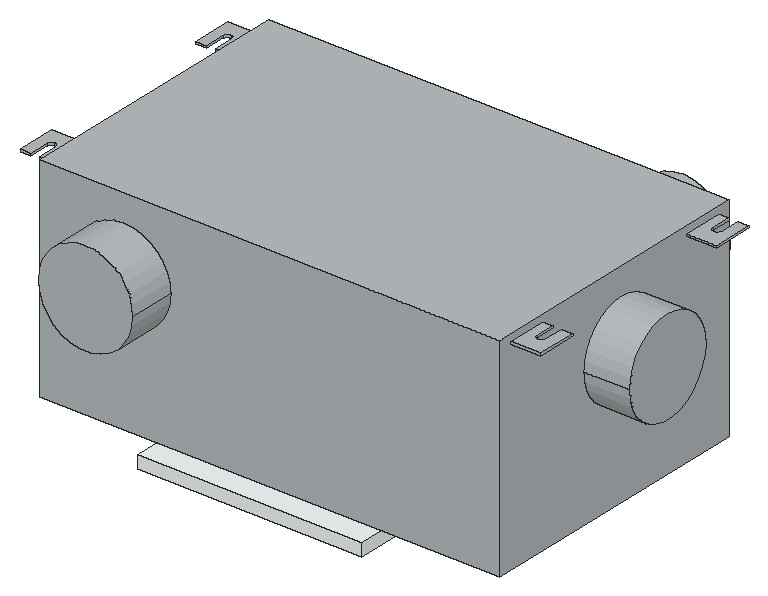
Revit family "sku-25_65hc_60Hz", category 機械設備, Revit 2019
Family settings
  丸型コネクタ寸法 = 直径を使用
  パーツ タイプ = 標準
  OmniClass 番号 = 23.75.10.34.21
  OmniClass タイトル = Heat Exchangers for Ventilation Air
  作業面ベース = いいえ
  常に垂直 = はい
  ロード時にボイドで切り取り = いいえ
  共有 = いいえ
  部屋計算ポイント = はい
Parameters (values of type "SKU-25HC")
  騒音レベル(dB(A)) = 29
  風量 = 250.0 m³/h
  面風速 = 3.93 m/s
  電源種別 [instance] = "一般"
  電圧 = 100 V
  電動機出力 = 0 W
  集中コントローラ = ""
  運転質量 = 0.00 kg
  連動 [instance] = ""
  質量 = if(製品質量 > 運転質量, 製品質量, 運転質量) * 1.2  # 18.60 kg
  負荷分類 = 3_ファン類
  説明 = "店舗用ロスナイ 真下グリル形"
  設計風量 = 0.0 m³/h
  設置方法 = "カセット形"
  記号 [instance] = ""
  製造元 = "三菱電機株式会社"
  製品質量 = 15.50 kg
  製品出荷対象 = "国内"
  製品リリース年月 = "2003/5/1"
  製品グループ = ""
  系統 [instance] = ""
  符号 = "HEU"
  積算_科目 = "1 空気調和設備"
  積算_拾い区分 [instance] = ""
  相 = 1
  盤記号 [instance] = ""
  発停方法 [instance] = "別売スイッチ"
  特殊仕様 [instance] = ""
  火災停止 [instance] = ""
  温度交換効率 = 50.00%
  消費電力 = 81 W
  法定耐用年数 = "15"
  機外静圧_排気 = 20.0 Pa
  機外静圧 = 20.0 Pa
  構成部品 = "排気グリル、ライン形給気グリル"
  極数 = 2
  材質 [instance] = ""
  本体マテリアル = 溶融亜鉛めっき鋼板
  操作・制御方式 = ""
  操作・制御スイッチ = ""
  排気量 = 0.0 m³/h
  形式 = "カセット形"
  幹線記号 [instance] = ""
  対象室 [instance] = ""
  実風量 = 0.0 m³/h
  始動方式 [instance] = "直入"
  天吊金具_径 = 6.5 mm
  天吊金具_幅 = 30 mm
  外気量 = 0.0 m³/h
  呼称 = "全熱交換ユニット"
  周波数 = 60 Hz
  天吊金具ピッチ2 = 330 mm
  天吊金具ピッチ1 = 736 mm
  天吊金具_高さ = 10 mm
  参照している仕様書等のバージョン = ""
  初期抵抗 = 0.0 Pa
  分類コード = "50052504100080"
  分類グループ = ""
  価格 = 148000
  企業コード = "108420"
  付属品_フィルター_還気 = ""
  付属品_フィルター = ""
  付属品 [instance] = ""
  仕様書バージョン = "Version1.0"
  モデル = "SKU-25HC"
  パネルマテリアル = 樹脂成形
  コメント [instance] = ""
  Keynote = ""
  エンタルピ交換効率_暖房 = 38.00%
  エンタルピ交換効率_冷房 = 32.00%
  Assembly Code = ""
  Width = 690 mm
  Version = ""
  Uniclass2015Version = "Systems v1.9"
  Uniclass2015Title = "Thermal wheels"
  Uniclass2015Code = "Pr_60_60_36_88"
  URL = "https://www.mitsubishielectric.co.jp/ldg/wink/ssl/displayProduct.do?pid=42643"
  SpecificationReference = ""
  SpecificationDescription = ""
  Panel_Center = 13 mm
  Duct_W_SA_EA = 220 mm
  Duct_W_OA = 13 mm
  SAサイズ_D = 142 mm
  Revision = ""
  RAサイズ_D = 0 mm
  ProductInformation = ""
  OmniClassCode = "23-27 23 19 11"
  OAサイズ_W = 0 mm
  OAサイズ_D = 142 mm
  MIN風量 = 150.0 m³/h
  MIN静圧 = 0.0 Pa
  MAX風量 = 250.0 m³/h
  MAX静圧 = 10.0 Pa
  IfcTypeProduct = ""
  IfcProduct = ""
  IfcExportType = "ROTARYWHEEL"
  IfcExportAs = "IfcAirToAirHeatRecoveryType"
  Height = 318 mm
  EAサイズ_W = 0 mm
  EAサイズ_D = 142 mm
  Duct_Pitch = 320 mm
  Duct_Height = 111 mm
  Duct_Depth = 70 mm
  Depth = 430 mm
  Panel_Width = 337 mm
  Panel_Height = 18 mm
  Panel_Depth = 505 mm
  Author = "三菱電機株式会社"
Types (4, lengths in mm): name | 騒音レベル(dB(A)) | 風量 | 面風速 | 質量 | 製品質量 | 温度交換効率 | 消費電力 | 機外静圧_排気 | 機外静圧 | 天吊金具ピッチ2 | 天吊金具ピッチ1 | 価格 | モデル | エンタルピ交換効率_暖房 | エンタルピ交換効率_冷房 | Width | URL | Duct_W_SA_EA | Duct_W_OA | SAサイズ_D | OAサイズ_D | MIN風量 | MAX風量 | MAX静圧 | Height | EAサイズ_D | Duct_Height | Duct_Depth | Depth | Panel_Width | Panel_Depth
  SKU-25HC | 29 | 250.0 m³/h | 3.93 m/s | 18.60 kg | 15.50 kg | 50.00% | 81 W | 20.0 Pa | 20.0 Pa | 330 | 736 | 148000 | "SKU-25HC" | 38.00% | 32.00% | 690 | "https://www.mitsubishielectric.co.jp/ldg/wink/ssl/displayProduct.do?pid=42643" | 220 | 13 | 142 | 142 | 150.0 m³/h | 250.0 m³/h | 10.0 Pa | 318 | 142 | 111 | 70 | 430 | 337 | 505
  SKU-35HC | 38 | 350.0 m³/h | 5.5 m/s | 19.20 kg | 16.00 kg | 44.00% | 151 W | 10.0 Pa | 10.0 Pa | 330 | 736 | 168000 | "SKU-35HC" | 32.00% | 26.00% | 690 | "https://www.mitsubishielectric.co.jp/ldg/wink/ssl/displayProduct.do?pid=42644" | 220 | 13 | 142 | 142 | 200.0 m³/h | 350.0 m³/h | 10.0 Pa | 318 | 142 | 111 | 70 | 430 | 337 | 505
  SKU-50HC | 37 | 500.0 m³/h | 4.42 m/s | 31.20 kg | 26.00 kg | 52.00% | 187 W | 20.0 Pa | 20.0 Pa | 420 | 872 | 214000 | "SKU-50HC" | 40.00% | 33.00% | 826 | "https://www.mitsubishielectric.co.jp/ldg/wink/ssl/displayProduct.do?pid=42645" | 262 | 19 | 192 | 192 | 300.0 m³/h | 500.0 m³/h | 10.0 Pa | 390 | 192 | 142 | 85 | 520 | 419 | 595
  SKU-65HC | 41 | 650.0 m³/h | 5.75 m/s | 31.20 kg | 26.00 kg | 47.00% | 261 W | 10.0 Pa | 10.0 Pa | 420 | 872 | 242000 | "SKU-65HC" | 35.00% | 29.00% | 826 | "https://www.mitsubishielectric.co.jp/ldg/wink/ssl/displayProduct.do?pid=42646" | 262 | 19 | 192 | 192 | 380.0 m³/h | 650.0 m³/h | 15.0 Pa | 390 | 192 | 142 | 85 | 520 | 419 | 595
Reference planes
  plane 1 "中心(正面/背面)": y = 0
  plane 2: z = 0
  plane 3 "中心(左/右)": x = 0
  plane 4: x = -345
  plane 5: x = 345
  plane 6: y = 215
  plane 7: y = -215
  plane 8: z = 207
  plane 9: x = -220
  plane 10: y = -285
  plane 11: x = -368
  plane 12: x = 368
  plane 13: y = 165
  plane 14: y = -165
  plane 15: y = 195
  plane 16: y = 135
  plane 17: y = -135
  plane 18: y = -195
  plane 19: z = 308
  plane 20: z = 305
  plane 21: x = -168.5
  plane 22: y = 252.5
  plane 23: y = -252.5
  plane 24: x = 168.5
  plane 25: z = -18
  plane 26: x = -390.5
  plane 27: x = 390.5
  plane 28: x = 220
  plane 29: y = 13
  plane 30: x = 415
  plane 31: z = 318
  plane 32: y = 285
Forms (mm)
  Extrusion 1, solid, material "溶融亜鉛めっき鋼板" <- "本体マテリアル", detail levels fine
    sketch origin (0, 0, 0) x (1, 0, 0) y (0, 1, 0)
      loop
        line (-345, 215) -> (-345, -215) -> (345, -215) -> (345, 215) -> (-345, 215)
    from 318 to 0
  Extrusion 2, solid, material "溶融亜鉛めっき鋼板" <- "本体マテリアル", detail levels fine
    sketch origin (-510, -445, 0) x (1, 0, 0) y (0, 0, 1)
      loop
        circle (290, 207) r 71
    from -230 to -160
  Extrusion 3, solid, material "樹脂成形" <- "パネルマテリアル", detail levels fine
    sketch origin (0, 0, 0) x (1, 0, 0) y (0, 1, 0)
      loop
        line (-168.5, 252.5) -> (-168.5, -252.5) -> (168.5, -252.5) -> (168.5, 252.5) -> (-168.5, 252.5)
    from -18 to 0
  Extrusion 4, solid, material "溶融亜鉛めっき鋼板", detail levels fine
    sketch origin (0, 0, 0) x (1, 0, 0) y (0, 1, 0)
      loop
        line (-345, 195) -> (-390.5, 195) -> (-390.5, 135) -> (-374.5, 135) -> (-374.5, 165)
        arc (-374.5, 165) -> (-368, 171.5) -> (-361.5, 165) r 6.5
        line (-361.5, 165) -> (-361.5, 135) -> (-345, 135) -> (-345, 195)
    from 305 to 308
  Extrusion 5, solid, material "溶融亜鉛めっき鋼板", detail levels fine
    sketch origin (0, 0, 0) x (1, 0, 0) y (0, 1, 0)
      loop
        line (-345, -135) -> (-390.5, -135) -> (-390.5, -195) -> (-374.5, -195) -> (-374.5, -165)
        arc (-374.5, -165) -> (-368, -158.5) -> (-361.5, -165) r 6.5
        line (-361.5, -165) -> (-361.5, -195) -> (-345, -195) -> (-345, -135)
    from 305 to 308
  Extrusion 6, solid, material "溶融亜鉛めっき鋼板", detail levels fine
    sketch origin (0, 0, 0) x (-1, 0, 0) y (0, -1, 0)
      loop
        line (-345, 195) -> (-390.5, 195) -> (-390.5, 135) -> (-374.5, 135) -> (-374.5, 165)
        arc (-374.5, 165) -> (-368, 171.5) -> (-361.5, 165) r 6.5
        line (-361.5, 165) -> (-361.5, 135) -> (-345, 135) -> (-345, 195)
    from 305 to 308
  Extrusion 7, solid, material "溶融亜鉛めっき鋼板", detail levels fine
    sketch origin (0, 420, 0) x (-1, 0, 0) y (0, -1, 0)
      loop
        line (-345, 285) -> (-390.5, 285) -> (-390.5, 225) -> (-374.5, 225) -> (-374.5, 255)
        arc (-374.5, 255) -> (-368, 261.5) -> (-361.5, 255) r 6.5
        line (-361.5, 255) -> (-361.5, 225) -> (-345, 225) -> (-345, 285)
    from 305 to 308
  Extrusion 8, solid, material "溶融亜鉛めっき鋼板" <- "本体マテリアル", detail levels fine
    sketch origin (-510, 445, 0) x (1, 0, 0) y (0, 0, -1)
      loop
        circle (730, -207) r 71
    from -230 to -160
  Extrusion 9, solid, material "溶融亜鉛めっき鋼板" <- "本体マテリアル", detail levels fine
    sketch origin (0, 0, 0) x (0, 1, 0) y (0, 0, 1)
      loop
        circle (13, 207) r 71
    from 345 to 415
Lines and regions (mm)
  Masking region 1, detail levels coarse+medium
    outline origin (1326.5, 29, 0) x (1, 0, 0) y (0, 1, 0)
      loop
        line (-1671.5, 186) -> (-1671.5, -244) -> (-981.5, -244) -> (-981.5, 186) -> (-1671.5, 186)
  symbolic lines, detail levels coarse+medium
    curve 1: line (0, 215, 0) -> (-345, 0, 0)
    curve 2: line (-345, 0, 0) -> (0, -215, 0)
    curve 3: line (0, -215, 0) -> (345, 0, 0)
    curve 4: line (345, 0, 0) -> (0, 215, 0)
Dimensions and locks
  equal spacing: plane 4, plane 3 "中心(左/右)", plane 5
  "Width": plane 4 to plane 5
  equal spacing: plane 6, plane 1 "中心(正面/背面)", plane 7
  "Depth": plane 6 to plane 7
  "Duct_Depth": plane 7 to plane 10
  equal spacing: plane 11, plane 3 "中心(左/右)", plane 12
  "天吊金具ピッチ1": plane 11 to plane 12
  equal spacing: plane 13, plane 1 "中心(正面/背面)", plane 14
  "天吊金具ピッチ2": plane 13 to plane 14
  equal spacing: plane 15, plane 13, plane 16
  locked: plane 19 to plane 20 at 3
  equal spacing: plane 22, plane 1 "中心(正面/背面)", plane 23
  "Panel_Depth": plane 22 to plane 23
  equal spacing: plane 17, plane 14, plane 18
  "天吊金具_幅": plane 14 to plane 18
  "天吊金具_幅": plane 13 to plane 16
  locked: plane 26 to plane 11 at 22.5
  locked: plane 12 to plane 27 at 22.5
  equal spacing: plane 21, plane 3 "中心(左/右)", plane 24
  "Panel_Width": plane 21 to plane 24
  "Duct_W_SA_EA": plane 3 "中心(左/右)" to plane 9
  "Duct_W_SA_EA": plane 3 "中心(左/右)" to plane 28
  "Duct_W_OA": plane 1 "中心(正面/背面)" to plane 29
  "Duct_Depth": plane 5 to plane 30
  "Height": plane 31 to level
  "Duct_Height": plane 31 to plane 8
  "Panel_Height": level to plane 25
  "天吊金具_高さ": plane 31 to plane 19
  "Duct_Depth": plane 32 to plane 6
  "SAサイズ_D": diameter of Extrusion 2 sketch curve
  "天吊金具_径": radius of Extrusion 4 sketch curve
  "天吊金具_径": radius of Extrusion 5 sketch curve
  "天吊金具_径": radius of Extrusion 6 sketch curve
  "天吊金具_径": radius of Extrusion 7 sketch curve
  "EAサイズ_D": diameter of Extrusion 8 sketch curve
  "OAサイズ_D": diameter of Extrusion 9 sketch curve
  aligned and locked: level to plane 2
  aligned and locked: Masking region 1 to plane 4
  aligned and locked: plane 5 to Masking region 1
  aligned and locked: plane 6 to Masking region 1
  aligned and locked: Masking region 1 to plane 7
  aligned and locked: plane 12 to nested 1
  aligned and locked: plane 11 to nested 1
  aligned and locked: nested 1 to plane 14
  aligned and locked: plane 13 to nested 1
  aligned and locked: Extrusion 2 to plane 10
  aligned and locked: plane 7 to Extrusion 2
  aligned and locked: Extrusion 3 sketch curve to plane 22
  aligned and locked: plane 21 to Extrusion 3 sketch curve
  aligned and locked: plane 23 to Extrusion 3 sketch curve
  aligned and locked: Extrusion 3 sketch curve to plane 24
  aligned and locked: Extrusion 3 to plane 25
  aligned and locked: plane 4 to Extrusion 4 sketch curve
  aligned and locked: plane 15 to Extrusion 4 sketch curve
  aligned and locked: Extrusion 4 sketch curve to plane 26
  aligned and locked: Extrusion 4 sketch curve to plane 16  (x2)
  aligned and locked: plane 17 to Extrusion 5 sketch curve
  aligned and locked: plane 4 to Extrusion 5 sketch curve
  aligned and locked: Extrusion 5 sketch curve to plane 26
  aligned and locked: Extrusion 5 sketch curve to plane 18  (x2)
  aligned and locked: Extrusion 6 sketch curve to plane 18
  aligned and locked: Extrusion 6 sketch curve to plane 5
  aligned and locked: Extrusion 6 sketch curve to plane 27
  aligned and locked: Extrusion 7 sketch curve to plane 27
  aligned and locked: Extrusion 7 sketch curve to plane 16
  aligned and locked: Extrusion 7 sketch curve to plane 5
  aligned and locked: plane 15 to Extrusion 7 sketch curve  (x2)
  aligned and locked: Extrusion 5 to plane 20
  aligned and locked: plane 19 to Extrusion 5
  aligned and locked: Extrusion 4 to plane 20
  aligned and locked: plane 19 to Extrusion 4
  aligned and locked: Extrusion 6 to plane 20
  aligned and locked: plane 19 to Extrusion 6
  aligned and locked: Extrusion 7 to plane 20
  aligned and locked: plane 19 to Extrusion 7
  aligned and locked: plane 30 to Extrusion 9
  aligned and locked: Extrusion 9 to plane 5
  aligned and locked: Extrusion 1 to plane 31
  aligned and locked: Extrusion 1 to level
  aligned and locked: level to Extrusion 3
  aligned and locked: plane 32 to Extrusion 8
  aligned and locked: Extrusion 8 to plane 6
Automatic sketch dimensions
  plane 1 "中心(正面/背面)" to curve 1 = 0 mm
  curve 1 to plane 4 = 0 mm
  curve 2 to plane 3 "中心(左/右)" = 0 mm
  curve 4 to plane 3 "中心(左/右)" = 0 mm
  plane 1 "中心(正面/背面)" to curve 4 = 0 mm
  curve 4 to plane 5 = 0 mm
  curve 2 to plane 7 = 0 mm
  curve 4 to plane 6 = 0 mm
  Extrusion 1 sketch curve to plane 4 = 0 mm
  Extrusion 1 sketch curve to plane 5 = 0 mm
  Extrusion 1 sketch curve to plane 7 = 0 mm
  Extrusion 1 sketch curve to plane 6 = 0 mm
  Masking region 1 sketch curve to plane 4 = 0 mm
  Masking region 1 sketch curve to plane 5 = 0 mm
  Masking region 1 sketch curve to plane 7 = 0 mm
  Masking region 1 sketch curve to plane 6 = 0 mm
  Extrusion 2 sketch curve to plane 8 = 0 mm
  Extrusion 2 sketch curve to plane 9 = 0 mm
  Extrusion 4 sketch curve to plane 13 = 0 mm
  Extrusion 4 sketch curve to plane 11 = 0 mm
  Extrusion 5 sketch curve to plane 14 = 0 mm
  Extrusion 5 sketch curve to plane 11 = 0 mm
  Extrusion 6 sketch curve to plane 17 = 0 mm  (x2)
  Extrusion 6 sketch curve to plane 14 = 0 mm
  Extrusion 6 sketch curve to plane 12 = 0 mm
  Extrusion 7 sketch curve to plane 13 = 0 mm
  Extrusion 7 sketch curve to plane 12 = 0 mm
  Extrusion 8 sketch curve to plane 8 = 0 mm
  plane 28 to Extrusion 8 sketch curve = 0 mm
  Extrusion 9 sketch curve to plane 8 = 0 mm
  Extrusion 9 sketch curve to plane 29 = 0 mm
Nested families
  nested 1: "固定点" at (-368, -165, 0), type "固定点"
    with W 736 mm, D 330 mm
Connectors
  hvac at (-220, -285, 207), driven by "SAサイズ_D", driven by "風量", driven by "機外静圧"
    settings: on Extrusion 2, index 10, duct flow 250.0 m³/h, flow factor 0, pres drop 20.0 Pa, loss coef 0, conn angle 0.00°, conn width 304.8 mm, conn height 304.8 mm, conn diameter 142 mm, duct sys type 3, conn prof type 0, flow config 0, flow direction 2, loss method 4, conn ref index -1, conn util no, is conn primary yes, conn desc ""
  hvac at (220, 285, 207), driven by "SAサイズ_D", driven by "風量", driven by "機外静圧"
    settings: on Extrusion 8, index 12, duct flow 250.0 m³/h, flow factor 0, pres drop 20.0 Pa, loss coef 0, conn angle 0.00°, conn width 304.8 mm, conn height 304.8 mm, conn diameter 142 mm, duct sys type 3, conn prof type 0, flow config 0, flow direction 2, loss method 4, conn ref index -1, conn util no, is conn primary no, conn desc ""
  electrical at (0, 0, 318), driven by "極数", driven by "負荷分類", driven by "電圧", driven by "消費電力"
    settings: on Extrusion 1, index 13, voltage 100 V, apparent load 81 VA, apparent load phase1 0 VA, apparent load phase2 0 VA, apparent load phase3 0 VA, power factor 1, load classification "3_ファン類", number of poles 2, system type 30, power factor state 1, is connector primary yes, connector utility no, sub classification motor no, connector description ""
  hvac at (415, 13, 207), driven by "OAサイズ_D", driven by "外気量", driven by "機外静圧"
    settings: on Extrusion 9, index 14, duct flow 0.0 m³/h, flow factor 0, pres drop 20.0 Pa, loss coef 0, conn angle 0.00°, conn width 304.8 mm, conn height 304.8 mm, conn diameter 142 mm, duct sys type 4, conn prof type 0, flow config 0, flow direction 1, loss method 4, conn ref index -1, conn util no, is conn primary no, conn desc ""
Definition of nested family "固定点"
  Parameters (values of type "固定点")
    中心円 = 20 mm
    W [instance] = 1000 mm
    D [instance] = 1000 mm
  Reference planes
    plane 1 "中心(正面/背面)": y = 0
    plane 2: z = 0
    plane 3 "中心(左/右)": x = 0
    plane 4: x = 1000
    plane 5: y = 1000
  Lines and regions (mm)
    symbolic lines, detail levels fine
      curve 1: circle (0, 1000, 0) r 10 normal (0, 0, 1)
      curve 2: circle (0, 0, 0) r 10 normal (0, 0, 1)
      curve 3: circle (1000, 1000, 0) r 10 normal (0, 0, 1)
      curve 4: circle (1000, 0, 0) r 10 normal (0, 0, 1)
      curve 5: line (-200, 1000, 0) -> (1200, 1000, 0)
      curve 6: line (-200, 0, 0) -> (1200, 0, 0)
      curve 7: line (0, 1200, 0) -> (0, -200, 0)
      curve 8: line (1000, 1200, 0) -> (1000, -200, 0)
  Dimensions and locks
    "W": plane 3 "中心(左/右)" to plane 4
    "D": plane 1 "中心(正面/背面)" to plane 5
    "中心円": diameter of curve 1
    "中心円": diameter of curve 2
    "中心円": diameter of curve 3
    "中心円": diameter of curve 4
    aligned and locked: level to plane 2
    aligned and locked: plane 5 to curve 1
    aligned and locked: plane 3 "中心(左/右)" to curve 1
    aligned and locked: plane 3 "中心(左/右)" to curve 2
    aligned and locked: plane 1 "中心(正面/背面)" to curve 2
    aligned and locked: plane 4 to curve 3
    aligned and locked: plane 5 to curve 3
    aligned and locked: plane 1 "中心(正面/背面)" to curve 4
    aligned and locked: plane 4 to curve 4
    aligned and locked: plane 1 "中心(正面/背面)" to curve 6
    aligned and locked: curve 7 to plane 3 "中心(左/右)"
    aligned and locked: curve 8 to plane 4
  Automatic sketch dimensions
    curve 5 to plane 5 = 0 mm
    curve 6 to plane 3 "中心(左/右)" = 200 mm
    curve 5 to plane 3 "中心(左/右)" = 200 mm
    curve 4 to curve 6 = 200 mm
    curve 3 to curve 5 = 200 mm
    plane 1 "中心(正面/背面)" to curve 8 = 200 mm
    plane 1 "中心(正面/背面)" to curve 7 = 200 mm
    curve 3 to curve 8 = 200 mm
    curve 1 to curve 7 = 200 mm
